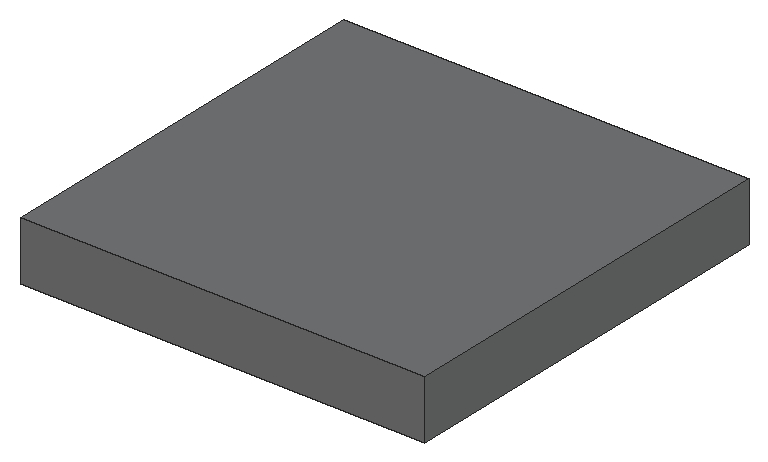
Revit family "Gira_536103", category Electrical Fixtures, host Face, Revit 2017
Family settings
  Host = Face
  Maintain Annotation Orientation = No
  Round Connector Dimension = Use Diameter
  Part Type = Normal
  Cut with Voids When Loaded = No
  Shared = No
  Room Calculation Point = No
Parameters (values of type "S3000 op.top arrow symbols System 55 p.white")
  With LED indication = "No"
  URL = "http://katalog.gira.de/en/datenblatt.html?artikelnr=536103"
  Transparent = "No"
  Suitable for application with venetian shutter switch = "Yes"
  Suitable for application with switch = "No"
  Suitable for application with dimmer = "No"
  Number of actuation points = "2"
  Name = "S3000 op.top arrow symbols System 55 p.white"
  Manufacturer URL = "https://www.gira.de/"
  Manufacturer = "Gira"
  Keynote = ""
  HeinzeBIM = "https://bimportal.heinze.de/bim/s3000-op-top-arrow-symbols-system-55-p-white/c25aac9c4c0ce1b8e8c4cac8c1a0840eae655163"
  HAN = "536103"
  GTIN = "4010337027287"
  Description = "S3000 op.top arrows Sys55 PW,System 3000 operating top unit arrow symbols,,pure white glossy,"
  Default Elevation = 1219.2 mm
  Data sheet (1) = "https://katalog.gira.de/en/download.html?artikelnr=536103"
  Category = "Intelligent control element"
  BIM (1) = "https://media.stage.bim.site/public/gira/36a6b08/Sys55_Abdeckung_Schalten und Tasten.rfa?public/gira/36a6b08/Sys55_Abdeckung_Schalten und Tasten.rfa"
  Available = "No"
  Application = "Control of electrical users"
  Anthrazit [instance] = Anthrazit
Reference planes
  plane 1 "Center (Front/Back)": y = 0
  plane 2: z = 0
  plane 3 "Center (Left/Right)": x = 0
Forms (mm)
  Extrusion 1, solid, material "Anthrazit" <- "Anthrazit", detail levels fine
    sketch origin (0, 0, 0) x (1, 0, 0) y (0, 1, 0)
      loop
        line (-27.5, 27.5) -> (-27.5, -27.5) -> (27.5, -27.5) -> (27.5, 27.5) -> (-27.5, 27.5)
    from 0 to 8
  Extrusion 2, void
    sketch origin (0, 0, 0) x (1, 0, 0) y (0, 1, 0)
      loop
        line (26, 26) -> (-26, 26) -> (-26, -26) -> (26, -26) -> (26, 26)
    from 0 to 6
  Extrusion 3, solid, material "Anthrazit" <- "Anthrazit", detail levels medium
    sketch origin (0, 0, 0) x (1, 0, 0) y (0, 1, 0)
      loop
        line (-27.5, 27.5) -> (-27.5, -27.5) -> (27.5, -27.5) -> (27.5, 27.5) -> (-27.5, 27.5)
    from 0 to 8
  Extrusion 4, solid, material "Anthrazit" <- "Anthrazit", detail levels medium
    sketch origin (0, 0, 0) x (1, 0, 0) y (0, 1, 0)
      loop
        line (11, -17.5) -> (11, 17.5) -> (-11, 17.5) -> (-11, -17.5) -> (11, -17.5)
    from -6 to 6
  Extrusion 5, solid, material "Anthrazit" <- "Anthrazit", detail levels fine
    sketch origin (0, 0, 0) x (1, 0, 0) y (0, 1, 0)
      loop
        line (11, 17.5) -> (-11, 17.5) -> (-11, 16.5) -> (11, 16.5) -> (11, 17.5)
      loop
        line (-11, -16.5) -> (-11, -17.5) -> (11, -17.5) -> (11, -16.5) -> (-11, -16.5)
    from -4 to 6
  Extrusion 6, solid, material "Anthrazit" <- "Anthrazit", detail levels fine
    sketch origin (0, 0, 0) x (1, 0, 0) y (0, 1, 0)
      loop
        arc (5, 9.347) -> (0, 10.6) -> (-5, 9.347) r 10.6
        line (-5, 9.347) -> (-5, -9.347)
        arc (-5, -9.347) -> (0, -10.6) -> (5, -9.347) r 10.6
        line (5, -9.347) -> (5, 9.347)
    from -6 to 6
  Extrusion 7, solid, material "Anthrazit" <- "Anthrazit", detail levels coarse
    sketch origin (0, 0, 0) x (1, 0, 0) y (0, 1, 0)
      loop
        line (-27.5, 27.5) -> (-27.5, -27.5) -> (27.5, -27.5) -> (27.5, 27.5) -> (-27.5, 27.5)
    from -6 to 8
Cuts and joins
  Extrusion 2 cuts Extrusion 1
Dimensions and locks
  aligned and locked: plane 2 to host face
  aligned and locked: level to host face
